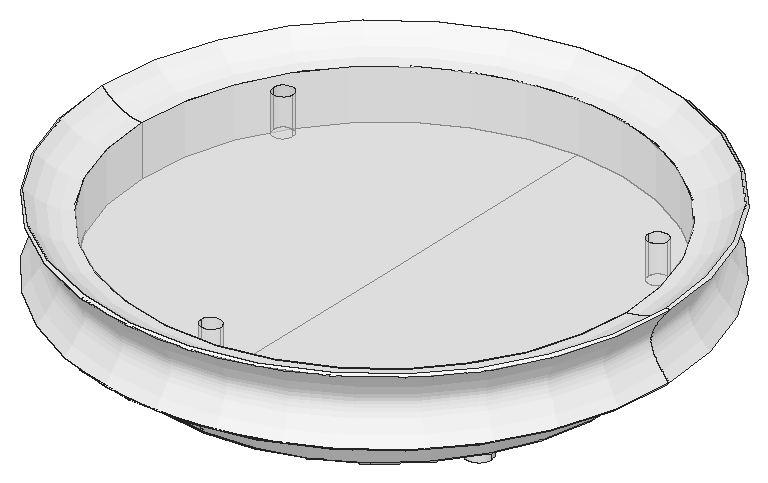
Revit family "Lighting_Outside_Focus-Lighting_Yoyo-Outdoor---1", category Lighting Fixtures, host Face, Revit 2022
Family settings
  Host = Face
  Round Connector Dimension = Use Diameter
  Part Type = Normal
  OmniClass Number = 23.80.70.11
  OmniClass Title = Luminaries for Internal Lighting
  Cut with Voids When Loaded = No
  Light Source = Yes
  Maintain Annotation Orientation = No
  Shared = No
  Room Calculation Point = No
Parameters (values of type "Yoyo Outdoor - 3000 - 350mm")
  Weight - Mass = 2.10 kg  # constant formula
  Watts = 16 W
  Wattage = 8.07853 W
  built-in parameter 1150110 = 1 (stored number, unit not read)
  Voltage = 220 V
  Version = 1
  URL = "https://www.focus-lighting.dk/en/"
  built-in parameter 1114217 = 1 (stored number, unit not read)
  Tilt Angle = -90.00°
  built-in parameter 1150109 = 1 (stored number, unit not read)
  built-in parameter 1150134 = (empty or 0)
  built-in parameter 1150113 = 1 (stored number, unit not read)
  Product data url = "https://www.bimobject.com/focuslighting/product/yoyo-outdoor"
  Product Page URL = "https://www.focus-lighting.dk/en/products/yoyo-surface-mounted/oe-350/"
  Product Material = Focus-Lighting - Metal - Cast Aluminium
  Product Documentation Link = "https://www.focus-lighting.dk/media/eayp0df3/yoyo_paabyg_eng.pdf"
  Power Factor = 1
  Photometric Web File = "Generic Default - Select File (Matching Photometric File Name)"
  Photometric File Name = "yoyo-350-500ma-16w-3000k-cri90-cdp-prismatisk.ies"
  Number of Poles = 1
  built-in parameter 1150142 = (empty or 0)
  Model = "Yoyo Outdoor"  # constant formula
  Manufacturer = "Focus-Lighting"  # constant formula
  built-in parameter 1150105 = 95.493 (stored number, unit not read)
  Lumens = 1200 lm
  built-in parameter 1150115 = 1 (stored number, unit not read)
  built-in parameter 1150137 = (empty or 0)
  built-in parameter 1150139 = (empty or 0)
  Lens Material = Focus-Lighting - Acrylic - LED
  built-in parameter 1150112 = 1 (stored number, unit not read)
  built-in parameter 1150114 = 1 (stored number, unit not read)
  Lamp = "LED"
  Installation Type = "Ceiling or Wall Mounted"  # constant formula
  built-in parameter 1150132 = 2
  built-in parameter 1150102 = (empty or 0)
  built-in parameter 1150107 = 3000 (stored number, unit not read)
  built-in parameter 1150138 = (empty or 0)
  built-in parameter 1150106 = 0.95493 (stored number, unit not read)
  Height = 51 mm  # constant formula
  Emit from Circle Diameter = 298 mm
  Emit Shape Visible in Rendering = no
  built-in parameter 1150104 = 13.8 (stored number, unit not read)
  Dimming Lamp Color Temperature Shift = <None>
  Diameter = 350 mm  # constant formula
  Description = "Yoyo is a range of elegant interior light fixtures\r\nwith low height."  # constant formula
  Default Elevation = 1219.2 mm
  Date Updated = ""
  Date Created = "2024/12/26"  # constant formula
  Color Filter = 16777215
  built-in parameter 1114218 = 1 (stored number, unit not read)
  built-in parameter 1150133 = 10 (stored number, unit not read)
  Apparent Load = Watts / Power Factor  # 16 VA
Reference planes
  plane 1 "Center (Front/Back)": y = 0
  plane 2: z = 0
  plane 3 "Center (Left/Right)": x = 0
  plane 4: x = -175
  plane 5: x = 175
  plane 6: x = -110
  plane 7: x = 110
Forms (mm)
  Sweep 1, solid, material "Focus-Lighting - Metal - Cast Aluminium" <- "Product Material", detail levels medium+fine
    path origin (0, 0, 0) x (1, 0, 0) y (0, 1, 0)
      loop
        circle (0, 0) r 175
    profile origin (0, 175, 0) x (0, -1, 0) y (0, 0, 1)
      loop
        spline (0.019, 40.939) -> (4.105, 35.743) -> (6.863, 31.634) -> (8.882, 28.101) -> (10.277, 25.043) -> (11.013, 22.364) -> (10.97, 19.807) -> (10.372, 17.312) -> (9.368, 14.715) -> (7.594, 11.467) -> (5.144, 7.664) -> (2.557, 4.016) -> (0.019, 1.033)
        line (0.019, 1.033) -> (1.163, 0) -> (25.997, 0) -> (25.997, 30.771)
        arc (25.997, 30.771) -> (12.567, 34.021) -> (1.459, 42.239) r 34.807
        line (1.459, 42.239) -> (0.019, 40.939)
  Extrusion 2, solid, material "Focus-Lighting - Acrylic - LED" <- "Lens Material", detail levels medium+fine
    sketch origin (0, 0, 0) x (1, 0, 0) y (0, 1, 0)
      loop
        circle (0, 0) r 149.003
    from 0 to 30.771
  Revolve 3, solid, material "Focus-Lighting - Metal - Cast Aluminium" <- "Product Material", detail levels medium+fine
    sketch origin (0, 0, 0) x (0, 1, 0) y (0, 0, 1)
      loop
        line (155.965, 0) -> (0, 0) -> (0, -27.79) -> (136.145, -27.79)
        arc (136.145, -27.79) -> (137.703, -27.395) -> (138.883, -26.304) r 3.264
        line (138.883, -26.304) -> (155.965, 0)
      axis (0, 0) -> (0, -27.79)
    angle from 0 to 360
  Extrusion 4, solid, material "Focus-Lighting - Metal - Cast Aluminium" <- "Product Material", detail levels medium+fine
    sketch origin (0, 0, 0) x (1, 0, 0) y (0, 1, 0)
      loop
        circle (0, 124.945) r 7.621
      loop
        circle (-108.233, -62.519) r 7.621
      loop
        circle (108.368, -62.519) r 7.621
      loop
        circle (14.53, 0.006) r 12.853
      loop
        circle (-14.605, 0.006) r 12.853
    from -34.32 to -27.761
  Revolve 5, void
    sketch origin (0, 1.206, 20.032) x (0, 1, 0) y (0, 0, 1)
      loop
        line (154.759, -20.032) -> (-1.206, -20.032) -> (-1.206, -54.352) -> (132.471, -54.352) -> (154.759, -20.032)
      axis (-1.206, -20.032) -> (-1.206, -54.352)
    angle from 0 to 360
  Extrusion 6, void
    sketch origin (0, 0, 0) x (1, 0, 0) y (0, 1, 0)
      loop
        circle (-115.187, 66.48) r 5.997
      loop
        circle (0, -133.031) r 5.997
      loop
        circle (115.187, 66.48) r 5.997
    from 7.58 to 36.414
  Revolve 7, solid, material "Focus-Lighting - Metal - Cast Aluminium" <- "Product Material", detail levels coarse
    sketch origin (0, 0, 0) x (0, 1, 0) y (0, 0, 1)
      loop
        line (174.981, 42.239) -> (149.003, 42.239) -> (149.003, 0) -> (0, 0) -> (0, -27.761) -> (137.937, -27.761) -> (155.965, 0) -> (174.981, 0) -> (174.981, 42.239)
      axis (0, 42.239) -> (0, -27.761)
    angle from 0 to 360
  Extrusion 8, solid, material "Focus-Lighting - Acrylic - LED" <- "Lens Material", detail levels coarse
    sketch origin (0, 0, 0) x (1, 0, 0) y (0, 1, 0)
      loop
        circle (0, 0) r 149.003
    from 0 to 30.771
Cuts and joins
  Extrusion 6 cuts Extrusion 2
  Extrusion 6 cuts Revolve 3
Lines and regions (mm)
  Masking region 1
    outline origin (0, 0, 0) x (1, 0, 0) y (0, 1, 0)
      loop
        circle (0, 0) r 174.981
  symbolic lines, style "GenericModel", detail levels medium+fine
    curve 1: arc (0, 149.003, 0) -> (-149.003, 0, 0) -> (0, -149.003, 0) r 149.003
    curve 2: arc (0, -149.003, 0) -> (149.003, 0, 0) -> (0, 149.003, 0) r 149.003
    curve 3: arc (-109.19, 66.48, 0) -> (-115.187, 72.477, 0) -> (-121.184, 66.48, 0) r 5.997
    curve 4: arc (-121.184, 66.48, 0) -> (-115.187, 60.483, 0) -> (-109.19, 66.48, 0) r 5.997
    curve 5: arc (121.184, 66.48, 0) -> (115.187, 72.477, 0) -> (109.19, 66.48, 0) r 5.997
    curve 6: arc (109.19, 66.48, 0) -> (115.187, 60.483, 0) -> (121.184, 66.48, 0) r 5.997
    curve 7: arc (5.997, -133.031, 0) -> (0, -127.034, 0) -> (-5.997, -133.031, 0) r 5.997
    curve 8: arc (-5.997, -133.031, 0) -> (0, -139.028, 0) -> (5.997, -133.031, 0) r 5.997
Dimensions and locks
  equal spacing: plane 4, plane 3 "Center (Left/Right)", plane 5  (x2)
  plane 4 to plane 5 = 350 mm
  locked: plane 4 to plane 6 at 65
  locked: plane 7 to plane 5 at 65
  "Diameter": plane 4 to plane 5
  aligned and locked: plane 2 to host face
  aligned and locked: level to host face
Automatic sketch dimensions
  host sketch curve to host sketch curve = 2438.4 mm  (x2)
  plane 1 "Center (Front/Back)" to Sweep 1 sketch curve = 0 mm
  Sweep 1 sketch curve to plane 3 "Center (Left/Right)" = 0 mm
  plane 1 "Center (Front/Back)" to Extrusion 2 sketch curve = 0 mm
  Extrusion 2 sketch curve to plane 3 "Center (Left/Right)" = 0 mm
  Revolve 3 sketch curve to level = 0 mm  (x2)
  Revolve 3 sketch curve to plane 1 "Center (Front/Back)" = 0 mm  (x2)
  Revolve 3 sketch curve to level = 27.79 mm
  Revolve 3 sketch curve to plane 1 "Center (Front/Back)" = 136.145 mm
  Revolve 3 sketch curve to level = 26.304 mm
  Revolve 3 sketch curve to Revolve 3 sketch curve = 2.738 mm
  Revolve 3 sketch curve to Revolve 3 sketch curve = 17.082 mm
  Revolve 3 sketch curve to Revolve 3 sketch curve = 17.21 mm
  Extrusion 4 sketch curve to plane 3 "Center (Left/Right)" = 0 mm
  Extrusion 4 sketch curve to plane 1 "Center (Front/Back)" = 0.006 mm  (x2)
  Extrusion 4 sketch curve to plane 3 "Center (Left/Right)" = 14.605 mm
  Extrusion 4 sketch curve to plane 6 = 1.767 mm
  plane 3 "Center (Left/Right)" to Extrusion 4 sketch curve = 14.53 mm
  Extrusion 4 sketch curve to plane 7 = 1.632 mm
  plane 1 "Center (Front/Back)" to Extrusion 4 sketch curve = 62.519 mm  (x2)
  Extrusion 4 sketch curve to plane 1 "Center (Front/Back)" = 124.945 mm
  Revolve 5 sketch curve to level = 0 mm  (x2)
  Revolve 5 sketch curve to plane 1 "Center (Front/Back)" = 0 mm  (x2)
  Revolve 5 sketch curve to Revolve 5 sketch curve = 133.677 mm
  Revolve 5 sketch curve to level = 34.32 mm
  Revolve 5 sketch curve to Revolve 5 sketch curve = 22.288 mm
  Revolve 5 sketch curve to Revolve 5 sketch curve = 10.68 mm
  Extrusion 6 sketch curve to plane 3 "Center (Left/Right)" = 0 mm
  plane 6 to Extrusion 6 sketch curve = 5.187 mm
  plane 7 to Extrusion 6 sketch curve = 5.187 mm
  plane 1 "Center (Front/Back)" to Extrusion 6 sketch curve = 133.031 mm
  Extrusion 6 sketch curve to plane 1 "Center (Front/Back)" = 66.48 mm  (x2)
  Sweep 1 sketch curve to level = 0 mm
  Sweep 1 sketch curve to profile plane = 0.019 mm
  Sweep 1 sketch curve to profile plane = 1.163 mm
  Sweep 1 sketch curve to profile plane = 1.459 mm
  Sweep 1 sketch curve to profile plane = 25.997 mm
  Sweep 1 sketch curve to profile plane = 27.305 mm
  level to Sweep 1 sketch curve = 1.033 mm
  level to Sweep 1 sketch curve = 30.771 mm
  Sweep 1 sketch curve to Sweep 1 sketch curve = 10.168 mm
  Sweep 1 sketch curve to Sweep 1 sketch curve = 1.3 mm
  Revolve 7 sketch curve to plane 1 "Center (Front/Back)" = 0 mm  (x2)
  Revolve 7 sketch curve to level = 0 mm  (x2)
  Revolve 7 sketch curve to level = 27.761 mm
  Revolve 7 sketch curve to plane 1 "Center (Front/Back)" = 137.937 mm
  Revolve 7 sketch curve to Revolve 7 sketch curve = 11.066 mm
  Revolve 7 sketch curve to Revolve 7 sketch curve = 25.978 mm
  Revolve 7 sketch curve to Revolve 7 sketch curve = 42.239 mm
  Revolve 7 sketch curve to Revolve 7 sketch curve = 6.962 mm
  Revolve 7 sketch curve to Revolve 7 sketch curve = 5 mm
  Revolve 7 sketch curve to Revolve 7 sketch curve = 47.239 mm
  plane 1 "Center (Front/Back)" to Extrusion 8 sketch curve = 0 mm
  Extrusion 8 sketch curve to plane 3 "Center (Left/Right)" = 0 mm
  plane 1 "Center (Front/Back)" to Masking region 1 sketch curve = 0 mm
  Masking region 1 sketch curve to plane 3 "Center (Left/Right)" = 0 mm
  curve 1 to plane 3 "Center (Left/Right)" = 0 mm
  plane 1 "Center (Front/Back)" to curve 2 = 0 mm
  plane 1 "Center (Front/Back)" to curve 1 = 149.003 mm
  plane 6 to curve 3 = 5.187 mm
  curve 4 to plane 1 "Center (Front/Back)" = 66.48 mm
  curve 4 to plane 6 = 0.81 mm
  plane 7 to curve 6 = 5.187 mm
  curve 6 to plane 1 "Center (Front/Back)" = 66.48 mm
  curve 6 to plane 7 = 0.81 mm
  curve 7 to curve 8 = 0 mm  (x2)
  curve 8 to plane 3 "Center (Left/Right)" = 0 mm
  curve 1 to curve 8 = 15.973 mm
  curve 7 to curve 7 = 5.997 mm
  radius of Sweep 1 sketch curve = 175 mm
  radius of Extrusion 2 sketch curve = 149.003 mm
  radius of Extrusion 4 sketch curve = 7.621 mm  (x3)
  radius of Extrusion 4 sketch curve = 12.853 mm  (x2)
  radius of Extrusion 6 sketch curve = 5.997 mm  (x3)
  radius of Extrusion 8 sketch curve = 149.003 mm
  radius of Masking region 1 sketch curve = 174.981 mm
Connectors
  electrical at (0, 0, -27.761), driven by "Number of Poles", driven by "Voltage", driven by "Apparent Load", driven by "Power Factor"
    settings: on Revolve 7, index 1, voltage 220 V, apparent load 16 VA, apparent load phase1 0 VA, apparent load phase2 0 VA, apparent load phase3 0 VA, power factor 1, load classification "Lighting", number of poles 1, system type 30, power factor state 1, is connector primary yes, connector utility no, sub classification motor no, connector description "Power Supply"
